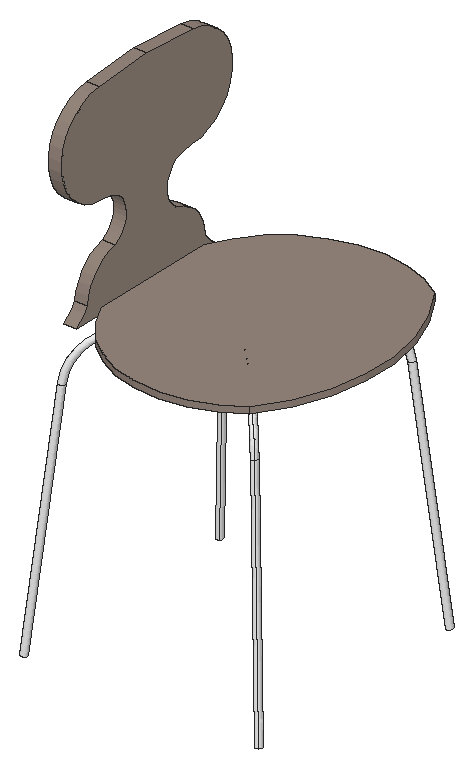
Revit family "Chair 1", category Furniture, Revit 2024
Family settings
  Work Plane-Based = No
  Enable Cutting in Views = No
  Always vertical = Yes
  Cut with Voids When Loaded = No
  Render Appearance Source = Family Geometry
  Shared = No
  Room Calculation Point = No
Parameters
  Type Comments = "I"
  Keynote = "C"
  Manufacturer = ""
  Default Elevation = 0 mm
  Bracket Material = Herman Miller - Finish 47 Trivalent Chrome
  Model = ""
  Cushion/Chair Back Material = Herman Miller - Veneer Z5 Maple
  BG_DIM_Width1 [instance] = 1500 mm
  BG_DIM_Height1 [instance] = 900 mm
  BG_DIM_Depth1 [instance] = 300 mm
  Assembly Code = "Ase1"
Types (4, lengths in mm): name | Type Comments | Keynote | BG_DIM_Width1 | BG_DIM_Height1 | BG_DIM_Depth1 | Assembly Code
  (no name) | "I" | "C" | 1500 | 900 | 300 | "Ase1"
  Type 1A | "G" | "A" | 1300 | 700 | 100 | "Ase1"
  Type 1B | "" | "12600" | 0 | 0 | 0 | 0
  Type 1C | "H" | "B" | 1400 | 800 | 200 | "Ase1"
Reference planes
  plane 1 "Center F/B": y = -198.997
  plane 2: z = 0
  plane 3 "Center L/R": x = -1.022
Forms (mm)
  Sweep 1, solid, material "Herman Miller - Finish 47 Trivalent Chrome" <- "Bracket Material"
    path origin (61.052, -65.204, 45) x (0, 0, -1) y (0.707107, -0.707107, 0)
      loop
        line (45, -82.843) -> (-332.364, -36.508)
        arc (-332.364, -36.508) -> (-382.531, -10.114) -> (-402.615, 42.895) r 80
        line (-402.615, 42.895) -> (-402.615, 181.322)
    profile origin (18.855, -23.007, 188.682) x (-0.701836, 0.701836, 0.121869) y (-0.707107, -0.707107, 0)
      loop
        circle (0, 0) r 5
  Sweep 2, solid, material "Herman Miller - Finish 47 Trivalent Chrome" <- "Bracket Material"
    path origin (57.516, -325.168, 45) x (0, 0, -1) y (0.707107, 0.707107, 0)
      loop
        line (45, -82.843) -> (-332.364, -36.508)
        arc (-332.364, -36.508) -> (-382.531, -10.114) -> (-402.615, 42.895) r 80
        line (-402.615, 42.895) -> (-402.615, 181.322)
    profile origin (15.319, -367.364, 188.682) x (-0.701836, -0.701836, 0.121869) y (0.707107, -0.707107, 0)
      loop
        circle (0, 0) r 5
  Sweep 3, solid, material "Herman Miller - Finish 47 Trivalent Chrome" <- "Bracket Material"
    path origin (303.338, -65.204, 45) x (0, 0, -1) y (0.707107, 0.707107, 0)
      loop
        line (45, 82.843) -> (-332.364, 36.508)
        arc (-332.364, 36.508) -> (-382.531, 10.114) -> (-402.615, -42.895) r 80
        line (-402.615, -42.895) -> (-402.615, -181.322)
    profile origin (345.535, -23.007, 188.682) x (0.701836, 0.701836, 0.121869) y (-0.707107, 0.707107, 0)
      loop
        circle (0, 0) r 5
  Sweep 4, solid, material "Herman Miller - Finish 47 Trivalent Chrome" <- "Bracket Material"
    path origin (306.873, -325.168, 45) x (0, 0, -1) y (0.707107, -0.707107, 0)
      loop
        line (45, 82.843) -> (-332.364, 36.508)
        arc (-332.364, 36.508) -> (-382.531, 10.114) -> (-402.615, -42.895) r 80
        line (-402.615, -42.895) -> (-402.615, -181.322)
    profile origin (349.07, -367.364, 188.682) x (0.701836, -0.701836, 0.121869) y (0.707107, 0.707107, 0)
      loop
        circle (0, 0) r 5
  Extrusion 5, solid, material "Herman Miller - Veneer Z5 Maple" <- "Cushion/Chair Back Material"
    sketch origin (0, 0, 0) x (1, 0, 0) y (0, 1, 0)
      loop
        arc (340, -9.099) -> (152.776, 17.913) -> (32.728, -128.274) r 192.616
        line (32.728, -128.274) -> (32.728, -249.923)
        arc (32.728, -249.923) -> (152.776, -396.11) -> (340, -369.099) r 192.616
        arc (340, -369.099) -> (400.673, -189.099) -> (340, -9.099) r 297.34
    from 450 to 460
  Extrusion 6, solid, material "Herman Miller - Veneer Z5 Maple" <- "Cushion/Chair Back Material"
    sketch origin (390, -409.099, -27.081) x (0, 0, -1) y (0, 1, 0)
      loop
        arc (-498.809, 95.839) -> (-486.21, 86.065) -> (-477.081, 72.99) r 53.087
        line (-477.081, 72.99) -> (-477.081, 347.212)
        arc (-477.081, 347.212) -> (-486.21, 334.138) -> (-498.809, 324.364) r 53.087
        arc (-498.809, 324.364) -> (-539.073, 308.301) -> (-561.143, 270.989) r 67.175
        arc (-561.143, 270.989) -> (-601.737, 249.17) -> (-634.197, 281.887) r 38.521
        line (-634.197, 281.887) -> (-636.604, 298.938)
        arc (-636.604, 298.938) -> (-714.694, 376.726) -> (-796.127, 302.444) r 79.872
        line (-796.127, 302.444) -> (-802.584, 210.101) -> (-796.127, 117.759)
        arc (-796.127, 117.759) -> (-714.694, 43.477) -> (-636.604, 121.265) r 79.872
        line (-636.604, 121.265) -> (-634.197, 138.316)
        arc (-634.197, 138.316) -> (-601.737, 171.033) -> (-561.143, 149.213) r 38.521
        arc (-561.143, 149.213) -> (-539.073, 111.901) -> (-498.809, 95.839) r 67.175
    from -367.272 to -347.272
Dimensions and locks
  aligned and locked: plane 1 "Center F/B" to Extrusion 6
